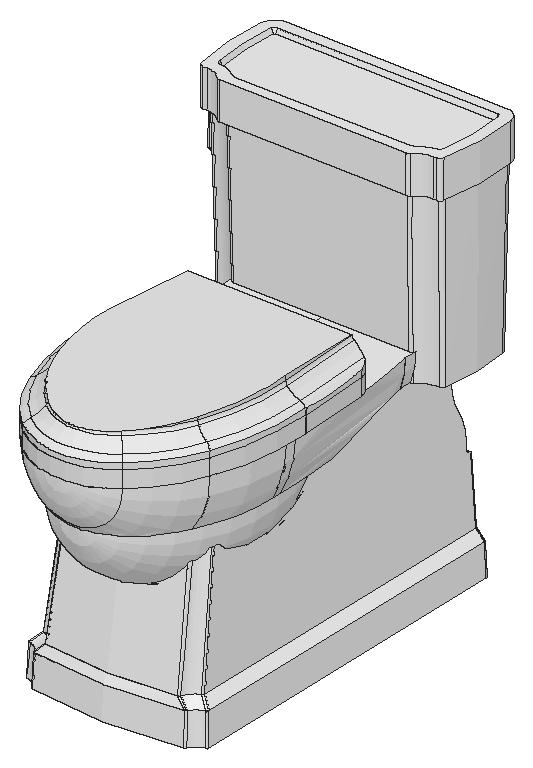
Revit family "Toilet-Elongated_Traditional_Eco-Guinevere_ADA_MS974224CEFG_TOTO", category Plumbing Fixtures, host Face, Revit 2013 (continued)
Dimensions and locks (in)
  aligned and locked: curve 33 to cut or joined group of Extrusion 2, Blend 25
  aligned and locked: curve 34 to cut or joined group of Extrusion 2, Blend 25
  aligned and locked: curve 35 to cut or joined group of Extrusion 2, Blend 25
  aligned and locked: curve 36 to cut or joined group of Extrusion 2, Blend 25
  aligned and locked: curve 37 to cut or joined group of Extrusion 2, Blend 25
  aligned and locked: curve 38 to cut or joined group of Extrusion 2, Blend 25
  aligned and locked: curve 39 to cut or joined group of Extrusion 2, Blend 25
  aligned and locked: curve 40 to cut or joined group of Extrusion 2, Blend 25
  aligned and locked: curve 41 to cut or joined group of Extrusion 2, Blend 25
  aligned and locked: plane 21 to cut or joined group of Revolve 6, Extrusion 7, Revolve 8, Revolve 10, Extrusion 14, Extrusion 15, Extrusion 16, Extrusion 17, Extrusion 24
  aligned and locked: cut or joined group of Blend 4, Extrusion 26 to plane 2
  aligned and locked: Blend 5 sketch curve to cut or joined group of Blend 4, Extrusion 26  (x3)
Automatic sketch dimensions
  host sketch curve to host sketch curve = 96"  (x2)
  Revolve 8 sketch curve to Revolve 8 sketch curve = 0"
  Revolve 8 sketch curve to plane 4 = 2"
  Revolve 8 sketch curve to Revolve 8 sketch curve = 3"
  Revolve 13 sketch curve to Revolve 13 sketch curve = 0.03851"
  Revolve 13 sketch curve to Revolve 13 sketch curve = 0"  (x2)
  Revolve 13 sketch curve to Revolve 13 sketch curve = 0.20386"
  Revolve 13 sketch curve to Revolve 13 sketch curve = 1/4"
  Revolve 13 sketch curve to Revolve 13 sketch curve = 0.02679"
  Revolve 13 sketch curve to Revolve 13 sketch curve = 0.02346"
  plane 1 "Center (Front/Back)" to Extrusion 14 sketch curve = 0.3073"
  plane 1 "Center (Front/Back)" to Extrusion 14 sketch curve = 0.3092"
  Extrusion 14 sketch curve to Extrusion 14 sketch curve = 0.01881"
  Extrusion 14 sketch curve to Extrusion 14 sketch curve = 0.01866"
  plane 4 to Extrusion 21 sketch curve = 1.31962"
  Extrusion 2 sketch curve to plane 3 "Center (Left/Right)" = 0"  (x2)
  Extrusion 2 sketch curve to Extrusion 2 sketch curve = 0"  (x3)
  Extrusion 2 sketch curve to plane 7 = 0.51533"
  Extrusion 2 sketch curve to Extrusion 2 sketch curve = 0.25336"
  Extrusion 2 sketch curve to Extrusion 2 sketch curve = 0.30799"
  Extrusion 2 sketch curve to plane 7 = 0.32273"
  Extrusion 2 sketch curve to Extrusion 2 sketch curve = 0.20321"  (x2)
  Extrusion 2 sketch curve to plane 18 = 0.08541"
  Extrusion 2 sketch curve to Extrusion 2 sketch curve = 0.03682"
  Extrusion 2 sketch curve to plane 12 = 0.23131"
  Blend 3 sketch curve to plane 3 "Center (Left/Right)" = 0"  (x4)
  Blend 3 sketch curve to Blend 3 sketch curve = 0"  (x19)
  Blend 3 sketch curve to plane 7 = 0.51533"  (x2)
  Blend 3 sketch curve to Blend 3 sketch curve = 0.29446"
  Blend 3 sketch curve to Blend 3 sketch curve = 0.7158"
  Blend 3 sketch curve to plane 7 = 0.32273"  (x2)
  Blend 3 sketch curve to plane 17 = 0.10597"
  plane 18 to Blend 3 sketch curve = 0.13758"
  Blend 3 sketch curve to plane 18 = 0.10629"
  Blend 3 sketch curve to Blend 3 sketch curve = 0.00116"
  plane 17 to Blend 3 sketch curve = 0.31194"
  plane 17 to Blend 3 sketch curve = 0.27696"
  plane 17 to Blend 3 sketch curve = 0.01986"
  Blend 3 sketch curve to plane 7 = 0.35475"
  Blend 3 sketch curve to Blend 3 sketch curve = 0.01529"  (x2)
  Blend 3 sketch curve to plane 7 = 0.41956"
  Blend 3 sketch curve to Blend 3 sketch curve = 0.00946"  (x2)
  Blend 3 sketch curve to Blend 3 sketch curve = 0.24646"  (x2)
  Blend 3 sketch curve to Blend 3 sketch curve = 0.24755"
  plane 18 to Blend 3 sketch curve = 5/16"
  plane 18 to Blend 3 sketch curve = 0.27743"
  plane 18 to Blend 3 sketch curve = 0.01956"
  Blend 3 sketch curve to plane 8 = 0.32273"
  Blend 3 sketch curve to plane 8 = 0.35475"
  Blend 3 sketch curve to plane 8 = 0.41956"
  Blend 3 sketch curve to plane 12 = 0.48467"
  Blend 3 sketch curve to plane 14 "Wall Closure" = 70.66632"
  plane 5 to Blend 3 sketch curve = 0.62197"
  Blend 5 sketch curve to plane 3 "Center (Left/Right)" = 0"
  plane 17 to Blend 5 sketch curve = 0.35841"
  Blend 5 sketch curve to Blend 5 sketch curve = 0"  (x3)
  Blend 5 sketch curve to Blend 5 sketch curve = 3/32"
  Blend 5 sketch curve to Blend 5 sketch curve = 0.09864"  (x2)
  Blend 5 sketch curve to Blend 5 sketch curve = 0.02115"  (x2)
  Blend 5 sketch curve to Blend 5 sketch curve = 0.1198"
  Blend 5 sketch curve to Blend 5 sketch curve = 0.04404"
  Blend 5 sketch curve to Blend 5 sketch curve = 0.09338"
  plane 17 to Revolve 6 sketch curve = 2.93514"
  Revolve 6 sketch curve to plane 7 = 0.16344"
  plane 1 "Center (Front/Back)" to Revolve 6 sketch curve = 3.1387"
  Revolve 6 sketch curve to plane 9 = 43.61971"
  Revolve 6 sketch curve to plane 3 "Center (Left/Right)" = 0.00103"
  plane 4 to Revolve 6 sketch curve = 1.24169"
  Revolve 6 sketch curve to plane 3 "Center (Left/Right)" = 3.32521"
  plane 18 to Revolve 6 sketch curve = 0.02104"
  Revolve 6 sketch curve to Revolve 6 sketch curve = 0.00282"
  Revolve 6 sketch curve to Revolve 6 sketch curve = 3 1/2"
  Revolve 6 sketch curve to Revolve 6 sketch curve = 1 3/4"
  Blend 9 sketch curve to Blend 9 sketch curve = 1/8"
  Blend 9 sketch curve to Blend 9 sketch curve = 0.04404"
  plane 17 to Blend 9 sketch curve = 0.10841"
  plane 17 to Blend 9 sketch curve = 1.09263"
  Blend 9 sketch curve to Blend 9 sketch curve = 0.06221"  (x2)
  Blend 9 sketch curve to Blend 9 sketch curve = 0"  (x6)
  Blend 9 sketch curve to Blend 9 sketch curve = 1/16"
  Blend 9 sketch curve to Blend 9 sketch curve = 0.07024"  (x2)
  Blend 9 sketch curve to Blend 9 sketch curve = 0.62753"
  Blend 9 sketch curve to Blend 9 sketch curve = 0.23635"  (x2)
  Blend 9 sketch curve to Blend 9 sketch curve = 0.05096"  (x2)
  plane 3 "Center (Left/Right)" to Blend 9 sketch curve = 1/4"
  plane 18 to Blend 9 sketch curve = 2.56967"
  Blend 9 sketch curve to Blend 9 sketch curve = 0.55729"
  plane 18 to Blend 9 sketch curve = 1.65672"
  Blend 9 sketch curve to plane 14 "Wall Closure" = 2.1949"
  plane 5 to Blend 9 sketch curve = 0.82944"
  plane 3 "Center (Left/Right)" to Revolve 10 sketch curve = 0.00069"
  plane 3 "Center (Left/Right)" to Revolve 10 sketch curve = 0.23988"
  Revolve 10 sketch curve to plane 4 = 1 3/4"
  Revolve 10 sketch curve to Revolve 10 sketch curve = 2 1/4"
  Extrusion 11 sketch curve to plane 12 = 0"
  Revolve 12 sketch curve to plane 12 = 0.10521"
  Revolve 12 sketch curve to plane 26 = 1/256"
  Revolve 12 sketch curve to plane 12 = 0.13352"
  plane 18 to Revolve 12 sketch curve = 0.0343"
  Revolve 12 sketch curve to Revolve 12 sketch curve = 0.00382"
  Revolve 12 sketch curve to Revolve 12 sketch curve = 0.03062"
  Revolve 12 sketch curve to Revolve 12 sketch curve = 0.0343"
  Revolve 12 sketch curve to Revolve 12 sketch curve = 0.0553"
  Revolve 12 sketch curve to Revolve 12 sketch curve = 0.00637"
  Revolve 12 sketch curve to plane 26 = 0.52673"
  Revolve 12 sketch curve to Revolve 12 sketch curve = 0.02326"
  Revolve 12 sketch curve to Revolve 12 sketch curve = 0.03893"
  Revolve 12 sketch curve to Revolve 12 sketch curve = 0.00418"
  Revolve 12 sketch curve to Revolve 12 sketch curve = 0.00385"
  Revolve 12 sketch curve to Revolve 12 sketch curve = 0.02179"
  Revolve 12 sketch curve to Revolve 12 sketch curve = 0"  (x2)
  Revolve 12 sketch curve to Revolve 12 sketch curve = 0.00114"
  Revolve 12 sketch curve to plane 25 = 0.1871"
  Revolve 12 sketch curve to plane 10 = 0.05683"
  Revolve 12 sketch curve to Revolve 12 sketch curve = 0.00877"
  Revolve 12 sketch curve to Revolve 12 sketch curve = 0.03367"
  Extrusion 15 sketch curve to plane 21 = 0"
  Extrusion 15 sketch curve to Extrusion 15 sketch curve = 0"
  Extrusion 15 sketch curve to Extrusion 15 sketch curve = 0.08011"
  Extrusion 16 sketch curve to plane 21 = 0"  (x2)
  Extrusion 16 sketch curve to Extrusion 16 sketch curve = 0"
  Extrusion 16 sketch curve to Extrusion 16 sketch curve = 0.08011"
  Extrusion 17 sketch curve to Extrusion 17 sketch curve = 0"
  plane 23 to Extrusion 17 sketch curve = 0.95632"
  Extrusion 17 sketch curve to Extrusion 17 sketch curve = 0.09087"
  Extrusion 17 sketch curve to Extrusion 17 sketch curve = 0.17438"
  Extrusion 17 sketch curve to Extrusion 17 sketch curve = 0.20597"
  Extrusion 18 sketch curve to plane 3 "Center (Left/Right)" = 0"  (x2)
  plane 1 "Center (Front/Back)" to Extrusion 18 sketch curve = 2.5107"
  Extrusion 18 sketch curve to Extrusion 18 sketch curve = 28.40546"
  Extrusion 18 sketch curve to plane 9 = 0.29068"
  plane 9 to Extrusion 18 sketch curve = 31/128"
  Extrusion 18 sketch curve to plane 7 = 0.10189"
  Extrusion 18 sketch curve to Extrusion 18 sketch curve = 0"  (x5)
  Extrusion 18 sketch curve to Extrusion 18 sketch curve = 0.00161"  (x2)
  plane 17 to Extrusion 18 sketch curve = 0.02104"
  plane 17 to Extrusion 18 sketch curve = 0.23587"
  Extrusion 18 sketch curve to Extrusion 18 sketch curve = 0.14168"  (x2)
  Extrusion 18 sketch curve to Extrusion 18 sketch curve = 25/128"
  plane 4 to Extrusion 18 sketch curve = 1.24169"
  Extrusion 18 sketch curve to Extrusion 18 sketch curve = 0.94186"  (x2)
  Extrusion 18 sketch curve to Extrusion 18 sketch curve = 0.87264"
  plane 3 "Center (Left/Right)" to Extrusion 18 sketch curve = 0.36779"
  Extrusion 18 sketch curve to Extrusion 18 sketch curve = 0.19412"
  plane 18 to Extrusion 18 sketch curve = 0.23587"
  plane 18 to Extrusion 18 sketch curve = 0.02104"
  Extrusion 18 sketch curve to plane 8 = 0.10028"
  Extrusion 19 sketch curve to plane 9 = 0.29068"
  plane 1 "Center (Front/Back)" to Extrusion 19 sketch curve = 2.5107"
  Extrusion 19 sketch curve to Extrusion 19 sketch curve = 30.58982"
  plane 18 to Extrusion 19 sketch curve = 0.02104"
  Extrusion 19 sketch curve to Extrusion 19 sketch curve = 0"  (x3)
  Extrusion 19 sketch curve to plane 8 = 0.10028"
  Extrusion 19 sketch curve to Extrusion 19 sketch curve = 0.00161"
  Sweep 20 sketch curve to plane 7 = 0.10189"
  plane 7 to Sweep 20 sketch curve = 0.3488"
  plane 17 to Sweep 20 sketch curve = 0.02104"
  Sweep 20 sketch curve to Sweep 20 sketch curve = 0"  (x2)
  plane 4 to Sweep 20 sketch curve = 1.24169"
  plane 8 to Sweep 20 sketch curve = 0.3488"
  Sweep 20 sketch curve to plane 8 = 0.10189"
  Sweep 20 sketch curve to Sweep 20 sketch curve = 0.4652"
  Sweep 20 sketch curve to profile plane = 0.40842"
  Sweep 20 sketch curve to Sweep 20 sketch curve = 0.38241"
  Masking region 1 sketch curve to plane 3 "Center (Left/Right)" = 0"
  plane 1 "Center (Front/Back)" to Masking region 1 sketch curve = 2.5107"
  Masking region 1 sketch curve to Masking region 1 sketch curve = 12.73921"
  plane 8 to Masking region 1 sketch curve = 0.40839"
  Masking region 1 sketch curve to plane 17 = 0.0631"
  Masking region 1 sketch curve to Masking region 1 sketch curve = 0.04699"
  plane 7 to Masking region 1 sketch curve = 0.40839"
  Masking region 1 sketch curve to Masking region 1 sketch curve = 0"
  plane 7 to curve 28 = 0.17941"
  curve 14 to plane 17 = 0.0631"
  curve 10 to curve 10 = 0.00787"
  curve 12 to curve 12 = 0.18657"
  curve 13 to plane 3 "Center (Left/Right)" = 0.67076"
  curve 11 to curve 11 = 0.18809"
  curve 9 to curve 9 = 0.00766"
  curve 14 to plane 18 = 0.06384"
  plane 8 to curve 27 = 0.17941"
  curve 11 to curve 11 = 0.18903"
  Blend 25 sketch curve to plane 3 "Center (Left/Right)" = 0"  (x4)
  plane 5 to Blend 25 sketch curve = 0.88725"  (x2)
  Blend 25 sketch curve to Blend 25 sketch curve = 0"  (x16)
  Blend 25 sketch curve to Blend 25 sketch curve = 0.20502"  (x2)
  Blend 25 sketch curve to Blend 25 sketch curve = 0.23407"  (x2)
  plane 23 to Blend 25 sketch curve = 1.52804"  (x2)
  plane 23 to Blend 25 sketch curve = 1.52919"  (x2)
  Blend 25 sketch curve to Blend 25 sketch curve = 0.06306"
  Blend 25 sketch curve to Blend 25 sketch curve = 0.06287"
  Blend 25 sketch curve to Blend 25 sketch curve = 0.33241"  (x2)
  Blend 25 sketch curve to Blend 25 sketch curve = 0.33399"  (x2)
  Blend 25 sketch curve to Blend 25 sketch curve = 0.49456"
  Blend 25 sketch curve to plane 18 = 0.0313"
  Blend 25 sketch curve to plane 7 = 0.3309"
  Blend 25 sketch curve to plane 8 = 0.3309"
  Blend 25 sketch curve to Blend 25 sketch curve = 0.09561"  (x2)
  Blend 25 sketch curve to Blend 25 sketch curve = 0.10916"
  Blend 25 sketch curve to Blend 25 sketch curve = 0.04212"
  Blend 25 sketch curve to Blend 25 sketch curve = 0.04191"
  plane 17 to Blend 25 sketch curve = 0.35076"
  plane 18 to Blend 25 sketch curve = 0.35059"
  Blend 4 sketch curve to plane 17 = 0"  (x2)
  Blend 4 sketch curve to plane 18 = 0"  (x2)
  Blend 4 sketch curve to plane 3 "Center (Left/Right)" = 0"  (x2)
  Blend 4 sketch curve to Blend 4 sketch curve = 0"  (x12)
  Blend 4 sketch curve to Blend 4 sketch curve = 0.05486"  (x2)
  Blend 4 sketch curve to Blend 4 sketch curve = 0.08322"
  Blend 4 sketch curve to Blend 4 sketch curve = 0.04648"  (x2)
  Blend 4 sketch curve to Blend 4 sketch curve = 17/128"  (x2)
  plane 32 to Blend 4 sketch curve = 1.30187"  (x2)
  Blend 5 sketch curve to plane 14 "Wall Closure" = 1.01183"
  plane 3 "Center (Left/Right)" to Revolve 10 sketch curve = 2.21856"
Connectors (in)
  piping at (-8, 14.875, 4.5), driven by "Cold Water Connection NPT Radius", driven by "CWFU"
    settings: on Extrusion 1, index 1, connector radius 1/4", flow factor 0, pipe flow 0 GPM, pressure drop 0.00 psi, fitting loss kfactor 0, connector angle 0.00°, fixture units 0, engagement length 0", flow configuration 3, flow direction 1, fitting loss method 4, system type 20, joint type 0, gender type 0, connector reference index -1, connector utility 0, adjustable connector no, is connector primary yes, fitting loss table "", connector description "Cold Water Inlet Connection"
  piping at (0, 11.84154, 0), driven by "Waste Connection NPT Radius", driven by "WFU", driven by "Waste Connection"
    settings: on cut or joined group of Blend 4, Extrusion 26, index 2, connector radius 1 3/32", flow factor 0, pipe flow 0 GPM, pressure drop 0.00 psi, fitting loss kfactor 0, connector angle 0.00°, fixture units 0, engagement length 0", flow configuration 3, flow direction 2, fitting loss method 0, system type 16, joint type 0, gender type 0, connector reference index -1, connector utility 0, adjustable connector yes, is connector primary no, fitting loss table "", connector description "Waste Outlet Connection"
